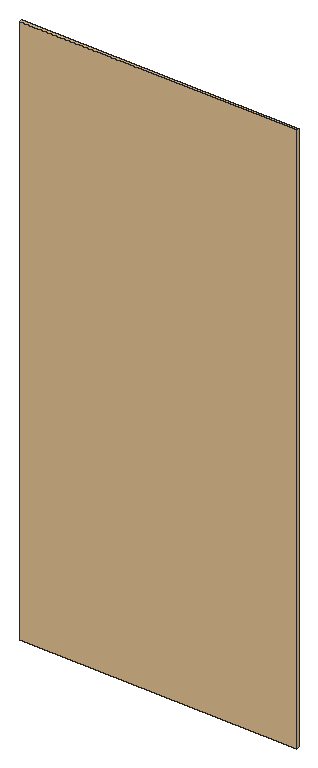
Revit family "Feature Blackbutt Veneer Honeycomb", category Generic Models, Revit 2017
Family settings
  Can host rebar = No
  Round Connector Dimension = Use Diameter
  Part Type = Normal
  Work Plane-Based = No
  Always vertical = Yes
  Cut with Voids When Loaded = No
  Shared = Yes
  Room Calculation Point = No
Parameters (values of type "2400 x 1200")
  Raw Finish Code = "EX24 FB-HOC"  # constant formula
  Material = none
  URL = "https://www.easycraft.com.au/products/253/expression-series"
  Panel_width = 1200 mm  # constant formula
  Panel_thickness = 10 mm  # constant formula
  Model = "Expression Series - Honeycomb"  # constant formula
  Manufacturer = "Easycraft Australia Pty Ltd ph 07 3906 7200"  # constant formula
  Panel_height = 2400 mm  # constant formula
  Description = "Feature Blackbutt Veneer"  # constant formula
  Clear Finish Code = "EX24 FB-HOC-CF"  # constant formula
  Assembly Code = ""
Reference planes
  plane 1 "Center (Front/Back)": y = 0
  plane 2: z = 0
  plane 3 "Center (Left/Right)": x = 0
  plane 4 "Panel_top": z = 2400
  plane 5 "Panel face": y = -10
Forms (mm)
  Extrusion 1, solid, material "Feature Blackbutt Veneer"
    sketch origin (0, 0, 2400) x (0, -1, 0) y (1, 0, 0)
      loop
        line (0, 0) -> (10, 0) -> (10, 1200) -> (0, 1200) -> (0, 0)
    from -2400 to 0
Lines and regions (mm)
  model lines, style "easycraft expressions pattern"
    curve 1: line (1170.784, -10, 2287.01) -> (1200, -10, 2287.01)
    curve 2: line (1129.224, -10, 2348.821) -> (1070.792, -10, 2348.821)
    curve 3: line (1170.783, -10, 2163.389) -> (1200, -10, 2163.389)
    curve 4: line (1129.224, -10, 2225.2) -> (1070.792, -10, 2225.2)
    curve 5: line (1170.783, -10, 2039.767) -> (1200, -10, 2039.767)
    curve 6: line (1129.225, -10, 2101.577) -> (1070.792, -10, 2101.577)
    curve 7: line (1170.784, -10, 1916.144) -> (1200, -10, 1916.144)
    curve 8: line (1129.224, -10, 1977.955) -> (1070.792, -10, 1977.955)
    curve 9: line (1170.784, -10, 1792.521) -> (1200, -10, 1792.521)
    curve 10: line (1129.224, -10, 1854.332) -> (1070.792, -10, 1854.332)
    curve 11: line (1170.784, -10, 1668.899) -> (1200, -10, 1668.899)
    curve 12: line (1129.224, -10, 1730.709) -> (1070.792, -10, 1730.709)
    curve 13: line (1170.784, -10, 1545.276) -> (1200, -10, 1545.276)
    curve 14: line (1129.224, -10, 1607.087) -> (1070.792, -10, 1607.087)
    curve 15: line (1170.784, -10, 1421.654) -> (1200, -10, 1421.654)
    curve 16: line (1129.224, -10, 1483.465) -> (1070.792, -10, 1483.465)
    curve 17: line (1170.784, -10, 1298.032) -> (1200, -10, 1298.032)
    curve 18: line (1129.224, -10, 1359.843) -> (1070.793, -10, 1359.843)
    curve 19: line (1170.784, -10, 1174.411) -> (1200, -10, 1174.411)
    curve 20: line (1129.224, -10, 1236.221) -> (1070.792, -10, 1236.221)
    curve 21: line (1170.784, -10, 1050.789) -> (1200, -10, 1050.789)
    curve 22: line (1129.224, -10, 1112.6) -> (1070.793, -10, 1112.6)
    curve 23: line (1170.784, -10, 927.167) -> (1200, -10, 927.167)
    curve 24: line (1129.224, -10, 988.978) -> (1070.791, -10, 988.978)
    curve 25: line (1170.784, -10, 803.543) -> (1200, -10, 803.543)
    curve 26: line (1129.224, -10, 865.355) -> (1070.792, -10, 865.355)
    curve 27: line (1170.784, -10, 679.922) -> (1200, -10, 679.922)
    curve 28: line (1129.224, -10, 741.733) -> (1070.793, -10, 741.733)
    curve 29: line (1170.784, -10, 556.3) -> (1200, -10, 556.3)
    curve 30: line (1129.224, -10, 618.111) -> (1070.791, -10, 618.111)
    curve 31: line (1170.784, -10, 432.677) -> (1200, -10, 432.677)
    curve 32: line (1129.224, -10, 494.488) -> (1070.792, -10, 494.488)
    curve 33: line (1170.784, -10, 309.056) -> (1200, -10, 309.056)
    curve 34: line (1129.224, -10, 370.867) -> (1070.793, -10, 370.867)
    curve 35: line (1170.784, -10, 185.434) -> (1200, -10, 185.434)
    curve 36: line (1129.224, -10, 247.246) -> (1070.791, -10, 247.246)
    curve 37: line (1170.785, -10, 61.811) -> (1200, -10, 61.811)
    curve 38: line (1129.224, -10, 123.622) -> (1070.791, -10, 123.622)
    curve 39: line (1163.635, -10, 2400) -> (1129.224, -10, 2348.821)
    curve 40: line (1129.224, -10, 2348.821) -> (1170.784, -10, 2287.01)
    curve 41: line (1170.784, -10, 2287.01) -> (1129.224, -10, 2225.199)
    curve 42: line (1129.224, -10, 2225.199) -> (1170.783, -10, 2163.389)
    curve 43: line (1170.784, -10, 2163.388) -> (1129.225, -10, 2101.577)
    curve 44: line (1129.224, -10, 2101.577) -> (1170.783, -10, 2039.767)
    curve 45: line (1170.784, -10, 2039.766) -> (1129.224, -10, 1977.955)
    curve 46: line (1129.224, -10, 1977.955) -> (1170.784, -10, 1916.144)
    curve 47: line (1170.784, -10, 1916.144) -> (1129.224, -10, 1854.332)
    curve 48: line (1129.224, -10, 1854.332) -> (1170.784, -10, 1792.521)
    curve 49: line (1170.784, -10, 1792.521) -> (1129.224, -10, 1730.709)
    curve 50: line (1129.224, -10, 1730.709) -> (1170.784, -10, 1668.899)
    curve 51: line (1170.784, -10, 1668.899) -> (1129.224, -10, 1607.087)
    curve 52: line (1129.224, -10, 1607.087) -> (1170.784, -10, 1545.276)
    curve 53: line (1170.784, -10, 1545.276) -> (1129.224, -10, 1483.465)
    curve 54: line (1129.224, -10, 1483.465) -> (1170.784, -10, 1421.654)
    curve 55: line (1170.784, -10, 1421.654) -> (1129.224, -10, 1359.843)
    curve 56: line (1129.224, -10, 1359.843) -> (1170.784, -10, 1298.032)
    curve 57: line (1170.784, -10, 1298.032) -> (1129.224, -10, 1236.221)
    curve 58: line (1129.224, -10, 1236.221) -> (1170.784, -10, 1174.411)
    curve 59: line (1170.784, -10, 1174.411) -> (1129.224, -10, 1112.6)
    curve 60: line (1129.224, -10, 1112.6) -> (1170.784, -10, 1050.789)
    curve 61: line (1170.784, -10, 1050.789) -> (1129.224, -10, 988.978)
    curve 62: line (1129.224, -10, 988.978) -> (1170.784, -10, 927.167)
    curve 63: line (1170.784, -10, 927.167) -> (1129.224, -10, 865.355)
    curve 64: line (1129.224, -10, 865.355) -> (1170.784, -10, 803.545)
    curve 65: line (1170.784, -10, 803.545) -> (1129.224, -10, 741.733)
    curve 66: line (1129.224, -10, 741.733) -> (1170.784, -10, 679.922)
    curve 67: line (1170.784, -10, 679.922) -> (1129.224, -10, 618.111)
    curve 68: line (1129.224, -10, 618.111) -> (1170.784, -10, 556.3)
    curve 69: line (1170.784, -10, 556.3) -> (1129.224, -10, 494.488)
    curve 70: line (1129.224, -10, 494.489) -> (1170.784, -10, 432.678)
    curve 71: line (1170.784, -10, 432.678) -> (1129.224, -10, 370.867)
    curve 72: line (1129.224, -10, 370.867) -> (1170.784, -10, 309.056)
    curve 73: line (1170.784, -10, 309.056) -> (1129.224, -10, 247.246)
    curve 74: line (1129.224, -10, 247.246) -> (1170.784, -10, 185.434)
    curve 75: line (1170.784, -10, 185.434) -> (1129.224, -10, 123.622)
    curve 76: line (1129.224, -10, 123.622) -> (1170.785, -10, 61.811)
    curve 77: line (1170.784, -10, 61.812) -> (1129.224, -10, 0)
    curve 78: line (1070.792, -10, 0.001) -> (1029.232, -10, 61.812)
    curve 79: line (1029.232, -10, 61.812) -> (1070.792, -10, 123.622)
    curve 80: line (1070.791, -10, 123.622) -> (1029.233, -10, 185.434)
    curve 81: line (1029.233, -10, 185.434) -> (1070.792, -10, 247.244)
    curve 82: line (1070.791, -10, 247.246) -> (1029.233, -10, 309.057)
    curve 83: line (1029.233, -10, 309.057) -> (1070.793, -10, 370.867)
    curve 84: line (1070.792, -10, 370.867) -> (1029.233, -10, 432.678)
    curve 85: line (1029.233, -10, 432.678) -> (1070.792, -10, 494.489)
    curve 86: line (1070.792, -10, 494.489) -> (1029.233, -10, 556.3)
    curve 87: line (1029.233, -10, 556.3) -> (1070.792, -10, 618.11)
    curve 88: line (1070.791, -10, 618.111) -> (1029.233, -10, 679.921)
    curve 89: line (1029.233, -10, 679.921) -> (1070.793, -10, 741.733)
    curve 90: line (1070.792, -10, 741.732) -> (1029.233, -10, 803.543)
    curve 91: line (1029.233, -10, 803.543) -> (1070.792, -10, 865.355)
    curve 92: line (1070.792, -10, 865.355) -> (1029.233, -10, 927.165)
    curve 93: line (1029.233, -10, 927.165) -> (1070.792, -10, 988.976)
    curve 94: line (1070.791, -10, 988.978) -> (1029.233, -10, 1050.788)
    curve 95: line (1029.233, -10, 1050.788) -> (1070.793, -10, 1112.6)
    curve 96: line (1070.792, -10, 1112.598) -> (1029.233, -10, 1174.41)
    curve 97: line (1029.233, -10, 1174.41) -> (1070.792, -10, 1236.221)
    curve 98: line (1070.792, -10, 1236.221) -> (1029.233, -10, 1298.032)
    curve 99: line (1029.233, -10, 1298.032) -> (1070.793, -10, 1359.843)
    curve 100: line (1070.792, -10, 1359.841) -> (1029.233, -10, 1421.653)
    curve 101: line (1029.233, -10, 1421.653) -> (1070.792, -10, 1483.465)
    curve 102: line (1070.792, -10, 1483.465) -> (1029.233, -10, 1545.276)
    curve 103: line (1029.233, -10, 1545.276) -> (1070.792, -10, 1607.087)
    curve 104: line (1070.792, -10, 1607.087) -> (1029.233, -10, 1668.899)
    curve 105: line (1029.233, -10, 1668.899) -> (1070.792, -10, 1730.709)
    curve 106: line (1070.792, -10, 1730.709) -> (1029.233, -10, 1792.521)
    curve 107: line (1029.233, -10, 1792.521) -> (1070.792, -10, 1854.332)
    curve 108: line (1070.792, -10, 1854.332) -> (1029.233, -10, 1916.144)
    curve 109: line (1029.233, -10, 1916.144) -> (1070.792, -10, 1977.955)
    curve 110: line (1070.792, -10, 1977.955) -> (1029.233, -10, 2039.766)
    curve 111: line (1029.233, -10, 2039.766) -> (1070.792, -10, 2101.577)
    curve 112: line (1070.792, -10, 2101.577) -> (1029.233, -10, 2163.388)
    curve 113: line (1029.233, -10, 2163.388) -> (1070.792, -10, 2225.199)
    curve 114: line (1070.792, -10, 2225.199) -> (1029.233, -10, 2287.01)
    curve 115: line (1029.233, -10, 2287.01) -> (1070.792, -10, 2348.821)
    curve 116: line (1070.792, -10, 2348.821) -> (1036.381, -10, 2400)
    curve 117: line (1029.233, -10, 2287.01) -> (970.8, -10, 2287.01)
    curve 118: line (1029.233, -10, 2163.389) -> (970.8, -10, 2163.389)
    curve 119: line (1029.233, -10, 2039.767) -> (970.8, -10, 2039.767)
    curve 120: line (1029.233, -10, 1916.144) -> (970.801, -10, 1916.144)
    curve 121: line (1029.233, -10, 1792.521) -> (970.8, -10, 1792.521)
    curve 122: line (1029.233, -10, 1668.899) -> (970.799, -10, 1668.899)
    curve 123: line (1029.233, -10, 1545.276) -> (970.8, -10, 1545.276)
    curve 124: line (1029.233, -10, 1421.653) -> (970.8, -10, 1421.653)
    curve 125: line (1029.233, -10, 1298.032) -> (970.8, -10, 1298.032)
    curve 126: line (1029.233, -10, 1174.41) -> (970.799, -10, 1174.41)
    curve 127: line (1029.233, -10, 1050.788) -> (970.801, -10, 1050.788)
    curve 128: line (1029.233, -10, 927.165) -> (970.8, -10, 927.165)
    curve 129: line (1029.233, -10, 803.544) -> (970.8, -10, 803.544)
    curve 130: line (1029.233, -10, 679.921) -> (970.801, -10, 679.921)
    curve 131: line (1029.233, -10, 556.3) -> (970.8, -10, 556.3)
    curve 132: line (1029.233, -10, 432.679) -> (970.801, -10, 432.679)
    curve 133: line (1029.233, -10, 309.057) -> (970.799, -10, 309.057)
    curve 134: line (1029.233, -10, 185.434) -> (970.8, -10, 185.434)
    curve 135: line (1029.233, -10, 61.811) -> (970.8, -10, 61.811)
    curve 136: line (836.397, -10, 2400) -> (870.807, -10, 2348.822)
    curve 137: line (870.807, -10, 2348.822) -> (829.248, -10, 2287.011)
    curve 138: line (829.248, -10, 2287.011) -> (870.807, -10, 2225.2)
    curve 139: line (870.807, -10, 2225.2) -> (829.248, -10, 2163.389)
    curve 140: line (829.248, -10, 2163.389) -> (870.807, -10, 2101.577)
    curve 141: line (870.807, -10, 2101.577) -> (829.248, -10, 2039.767)
    curve 142: line (829.248, -10, 2039.767) -> (870.807, -10, 1977.955)
    curve 143: line (870.807, -10, 1977.955) -> (829.248, -10, 1916.141)
    curve 144: line (829.248, -10, 1916.141) -> (870.806, -10, 1854.332)
    curve 145: line (870.807, -10, 1854.331) -> (829.248, -10, 1792.521)
    curve 146: line (829.248, -10, 1792.521) -> (870.807, -10, 1730.71)
    curve 147: line (870.807, -10, 1730.71) -> (829.248, -10, 1668.899)
    curve 148: line (829.248, -10, 1668.899) -> (870.807, -10, 1607.088)
    curve 149: line (870.807, -10, 1607.088) -> (829.248, -10, 1545.274)
    curve 150: line (829.248, -10, 1545.274) -> (870.806, -10, 1483.464)
    curve 151: line (870.807, -10, 1483.463) -> (829.248, -10, 1421.655)
    curve 152: line (829.248, -10, 1421.655) -> (870.807, -10, 1359.843)
    curve 153: line (870.807, -10, 1359.843) -> (829.248, -10, 1298.03)
    curve 154: line (829.248, -10, 1298.03) -> (870.807, -10, 1236.22)
    curve 155: line (870.807, -10, 1236.22) -> (829.248, -10, 1174.408)
    curve 156: line (829.248, -10, 1174.408) -> (870.806, -10, 1112.598)
    curve 157: line (870.807, -10, 1112.596) -> (829.248, -10, 1050.788)
    curve 158: line (829.248, -10, 1050.788) -> (870.807, -10, 988.977)
    curve 159: line (870.807, -10, 988.977) -> (829.248, -10, 927.166)
    curve 160: line (829.248, -10, 927.166) -> (870.807, -10, 865.355)
    curve 161: line (870.807, -10, 865.355) -> (829.248, -10, 803.541)
    curve 162: line (829.248, -10, 803.541) -> (870.806, -10, 741.731)
    curve 163: line (870.807, -10, 741.73) -> (829.248, -10, 679.923)
    curve 164: line (829.248, -10, 679.923) -> (870.807, -10, 618.112)
    curve 165: line (870.807, -10, 618.112) -> (829.248, -10, 556.301)
    curve 166: line (829.248, -10, 556.301) -> (870.807, -10, 494.489)
    curve 167: line (870.807, -10, 494.489) -> (829.248, -10, 432.679)
    curve 168: line (829.248, -10, 432.679) -> (870.806, -10, 370.869)
    curve 169: line (870.807, -10, 370.867) -> (829.248, -10, 309.058)
    curve 170: line (829.248, -10, 309.058) -> (870.807, -10, 247.245)
    curve 171: line (870.807, -10, 247.245) -> (829.248, -10, 185.434)
    curve 172: line (829.248, -10, 185.434) -> (870.807, -10, 123.623)
    curve 173: line (870.807, -10, 123.623) -> (829.247, -10, 61.813)
    curve 174: line (829.247, -10, 61.813) -> (870.807, -10, 0.001)
    curve 175: line (929.24, -10, 0.001) -> (970.8, -10, 61.811)
    curve 176: line (970.8, -10, 61.811) -> (929.241, -10, 123.623)
    curve 177: line (929.241, -10, 123.623) -> (970.8, -10, 185.434)
    curve 178: line (970.8, -10, 185.434) -> (929.241, -10, 247.245)
    curve 179: line (929.241, -10, 247.245) -> (970.8, -10, 309.056)
    curve 180: line (970.799, -10, 309.057) -> (929.241, -10, 370.869)
    curve 181: line (929.241, -10, 370.869) -> (970.801, -10, 432.679)
    curve 182: line (970.8, -10, 432.678) -> (929.241, -10, 494.489)
    curve 183: line (929.241, -10, 494.489) -> (970.8, -10, 556.3)
    curve 184: line (970.8, -10, 556.3) -> (929.241, -10, 618.112)
    curve 185: line (929.241, -10, 618.112) -> (970.801, -10, 679.921)
    curve 186: line (970.8, -10, 679.92) -> (929.241, -10, 741.731)
    curve 187: line (929.241, -10, 741.731) -> (970.8, -10, 803.543)
    curve 188: line (970.8, -10, 803.544) -> (929.241, -10, 865.354)
    curve 189: line (929.241, -10, 865.355) -> (970.8, -10, 927.165)
    curve 190: line (970.8, -10, 927.165) -> (929.241, -10, 988.977)
    curve 191: line (929.241, -10, 988.977) -> (970.801, -10, 1050.788)
    curve 192: line (970.8, -10, 1050.786) -> (929.241, -10, 1112.598)
    curve 193: line (929.241, -10, 1112.598) -> (970.8, -10, 1174.408)
    curve 194: line (970.799, -10, 1174.41) -> (929.241, -10, 1236.22)
    curve 195: line (929.241, -10, 1236.22) -> (970.8, -10, 1298.032)
    curve 196: line (970.8, -10, 1298.032) -> (929.241, -10, 1359.843)
    curve 197: line (929.241, -10, 1359.843) -> (970.8, -10, 1421.653)
    curve 198: line (970.8, -10, 1421.653) -> (929.241, -10, 1483.464)
    curve 199: line (929.241, -10, 1483.464) -> (970.8, -10, 1545.276)
    curve 200: line (970.8, -10, 1545.276) -> (929.241, -10, 1607.088)
    curve 201: line (929.241, -10, 1607.088) -> (970.8, -10, 1668.897)
    curve 202: line (970.799, -10, 1668.899) -> (929.241, -10, 1730.71)
    curve 203: line (929.241, -10, 1730.71) -> (970.8, -10, 1792.521)
    curve 204: line (970.8, -10, 1792.521) -> (929.241, -10, 1854.332)
    curve 205: line (929.241, -10, 1854.332) -> (970.801, -10, 1916.144)
    curve 206: line (970.8, -10, 1916.144) -> (929.241, -10, 1977.955)
    curve 207: line (929.241, -10, 1977.955) -> (970.8, -10, 2039.766)
    curve 208: line (970.8, -10, 2039.766) -> (929.241, -10, 2101.577)
    curve 209: line (929.241, -10, 2101.577) -> (970.8, -10, 2163.388)
    curve 210: line (970.8, -10, 2163.388) -> (929.241, -10, 2225.2)
    curve 211: line (929.241, -10, 2225.2) -> (970.8, -10, 2287.01)
    curve 212: line (970.8, -10, 2287.01) -> (929.241, -10, 2348.822)
    curve 213: line (929.241, -10, 2348.822) -> (963.65, -10, 2400)
    curve 214: line (929.241, -10, 2348.822) -> (870.807, -10, 2348.822)
    curve 215: line (929.24, -10, 2225.2) -> (870.807, -10, 2225.2)
    curve 216: line (929.24, -10, 2101.578) -> (870.807, -10, 2101.578)
    curve 217: line (929.24, -10, 1977.956) -> (870.807, -10, 1977.956)
    curve 218: line (929.241, -10, 1854.332) -> (870.806, -10, 1854.332)
    curve 219: line (929.241, -10, 1730.71) -> (870.807, -10, 1730.71)
    curve 220: line (929.241, -10, 1607.088) -> (870.807, -10, 1607.088)
    curve 221: line (929.241, -10, 1483.464) -> (870.806, -10, 1483.464)
    curve 222: line (929.241, -10, 1359.843) -> (870.807, -10, 1359.843)
    curve 223: line (929.241, -10, 1236.22) -> (870.807, -10, 1236.22)
    curve 224: line (929.241, -10, 1112.598) -> (870.806, -10, 1112.598)
    curve 225: line (929.241, -10, 988.977) -> (870.807, -10, 988.977)
    curve 226: line (929.241, -10, 865.354) -> (870.807, -10, 865.354)
    curve 227: line (929.241, -10, 741.731) -> (870.806, -10, 741.731)
    curve 228: line (929.241, -10, 618.112) -> (870.807, -10, 618.112)
    curve 229: line (929.24, -10, 494.489) -> (870.807, -10, 494.489)
    curve 230: line (929.241, -10, 370.869) -> (870.806, -10, 370.869)
    curve 231: line (929.241, -10, 247.245) -> (870.807, -10, 247.245)
    curve 232: line (929.241, -10, 123.623) -> (870.807, -10, 123.623)
    curve 233: line (763.665, -10, 2400) -> (729.256, -10, 2348.824)
    curve 234: line (729.256, -10, 2348.824) -> (770.816, -10, 2287.011)
    curve 235: line (770.816, -10, 2287.011) -> (729.256, -10, 2225.2)
    curve 236: line (729.256, -10, 2225.2) -> (770.816, -10, 2163.389)
    curve 237: line (770.816, -10, 2163.389) -> (729.256, -10, 2101.578)
    curve 238: line (729.256, -10, 2101.578) -> (770.816, -10, 2039.767)
    curve 239: line (829.248, -10, 2287.011) -> (770.816, -10, 2287.011)
    curve 240: line (829.248, -10, 2163.389) -> (770.816, -10, 2163.389)
    curve 241: line (829.248, -10, 2039.769) -> (770.816, -10, 2039.769)
    curve 242: line (770.816, -10, 2039.769) -> (729.256, -10, 1977.952)
    curve 243: line (729.256, -10, 1977.952) -> (770.816, -10, 1916.14)
    curve 244: line (770.816, -10, 1916.14) -> (729.256, -10, 1854.33)
    curve 245: line (729.256, -10, 1854.33) -> (770.816, -10, 1792.521)
    curve 246: line (770.816, -10, 1792.521) -> (729.256, -10, 1730.709)
    curve 247: line (729.256, -10, 1730.709) -> (770.816, -10, 1668.898)
    curve 248: line (829.248, -10, 1916.141) -> (770.816, -10, 1916.141)
    curve 249: line (829.248, -10, 1792.521) -> (770.816, -10, 1792.521)
    curve 250: line (829.248, -10, 1668.899) -> (770.816, -10, 1668.899)
    curve 251: line (770.816, -10, 1668.899) -> (729.256, -10, 1607.084)
    curve 252: line (729.256, -10, 1607.084) -> (770.815, -10, 1545.274)
    curve 253: line (770.816, -10, 1545.273) -> (729.256, -10, 1483.465)
    curve 254: line (729.256, -10, 1483.465) -> (770.815, -10, 1421.655)
    curve 255: line (770.816, -10, 1421.653) -> (729.256, -10, 1359.841)
    curve 256: line (729.256, -10, 1359.841) -> (770.816, -10, 1298.03)
    curve 257: line (770.816, -10, 1298.03) -> (729.256, -10, 1236.219)
    curve 258: line (729.256, -10, 1236.219) -> (770.816, -10, 1174.408)
    curve 259: line (770.816, -10, 1174.408) -> (729.256, -10, 1112.6)
    curve 260: line (729.256, -10, 1112.6) -> (770.816, -10, 1050.788)
    curve 261: line (770.816, -10, 1050.788) -> (729.256, -10, 988.977)
    curve 262: line (729.256, -10, 988.977) -> (770.816, -10, 927.166)
    curve 263: line (770.816, -10, 927.166) -> (729.256, -10, 865.353)
    curve 264: line (729.256, -10, 865.353) -> (770.815, -10, 803.542)
    curve 265: line (770.816, -10, 803.541) -> (729.256, -10, 741.733)
    curve 266: line (729.256, -10, 741.733) -> (770.816, -10, 679.922)
    curve 267: line (829.248, -10, 1545.274) -> (770.815, -10, 1545.274)
    curve 268: line (829.248, -10, 1421.655) -> (770.815, -10, 1421.655)
    curve 269: line (829.248, -10, 1298.03) -> (770.816, -10, 1298.03)
    curve 270: line (829.248, -10, 1174.408) -> (770.816, -10, 1174.408)
    curve 271: line (829.248, -10, 1050.788) -> (770.816, -10, 1050.788)
    curve 272: line (829.248, -10, 927.166) -> (770.816, -10, 927.166)
    curve 273: line (829.248, -10, 803.542) -> (770.815, -10, 803.542)
    curve 274: line (829.248, -10, 679.923) -> (770.816, -10, 679.923)
    curve 275: line (770.816, -10, 679.923) -> (729.256, -10, 618.112)
    curve 276: line (729.256, -10, 618.112) -> (770.815, -10, 556.301)
    curve 277: line (770.816, -10, 556.299) -> (729.256, -10, 494.49)
    curve 278: line (729.256, -10, 494.49) -> (770.816, -10, 432.679)
    curve 279: line (770.816, -10, 432.679) -> (729.256, -10, 370.868)
    curve 280: line (729.256, -10, 370.868) -> (770.816, -10, 309.056)
    curve 281: line (829.248, -10, 556.301) -> (770.815, -10, 556.301)
    curve 282: line (829.248, -10, 432.678) -> (770.816, -10, 432.678)
    curve 283: line (829.248, -10, 185.434) -> (770.816, -10, 185.434)
    curve 284: line (829.248, -10, 61.813) -> (770.816, -10, 61.813)
    curve 285: line (636.413, -10, 2400) -> (670.822, -10, 2348.824)
    curve 286: line (670.823, -10, 2348.822) -> (629.263, -10, 2287.013)
    curve 287: line (629.263, -10, 2287.013) -> (670.823, -10, 2225.2)
    curve 288: line (670.823, -10, 2225.2) -> (629.263, -10, 2163.389)
    curve 289: line (629.263, -10, 2163.389) -> (670.821, -10, 2101.58)
    curve 290: line (670.823, -10, 2101.578) -> (629.263, -10, 2039.762)
    curve 291: line (629.263, -10, 2039.762) -> (670.821, -10, 1977.954)
    curve 292: line (670.823, -10, 1977.952) -> (629.263, -10, 1916.142)
    curve 293: line (629.263, -10, 1916.142) -> (670.823, -10, 1854.33)
    curve 294: line (670.823, -10, 1854.33) -> (629.263, -10, 1792.519)
    curve 295: line (629.263, -10, 1792.519) -> (670.822, -10, 1730.709)
    curve 296: line (670.823, -10, 1730.708) -> (629.263, -10, 1668.894)
    curve 297: line (629.263, -10, 1668.894) -> (670.822, -10, 1607.084)
    curve 298: line (670.823, -10, 1607.083) -> (629.263, -10, 1545.272)
    curve 299: line (629.263, -10, 1545.272) -> (670.823, -10, 1483.465)
    curve 300: line (670.823, -10, 1483.465) -> (629.263, -10, 1421.651)
    curve 301: line (629.263, -10, 1421.651) -> (670.822, -10, 1359.841)
    curve 302: line (670.823, -10, 1359.84) -> (629.263, -10, 1298.029)
    curve 303: line (629.263, -10, 1298.029) -> (670.822, -10, 1236.219)
    curve 304: line (670.823, -10, 1236.218) -> (629.263, -10, 1174.41)
    curve 305: line (629.263, -10, 1174.41) -> (670.822, -10, 1112.6)
    curve 306: line (670.823, -10, 1112.598) -> (629.263, -10, 1050.789)
    curve 307: line (629.263, -10, 1050.789) -> (670.823, -10, 988.977)
    curve 308: line (670.823, -10, 988.977) -> (629.263, -10, 927.164)
    curve 309: line (629.263, -10, 927.164) -> (670.823, -10, 865.353)
    curve 310: line (670.823, -10, 865.353) -> (629.263, -10, 803.544)
    curve 311: line (629.263, -10, 803.544) -> (670.822, -10, 741.733)
    curve 312: line (670.823, -10, 741.732) -> (629.263, -10, 679.922)
    curve 313: line (629.263, -10, 679.922) -> (670.823, -10, 618.112)
    curve 314: line (670.823, -10, 618.112) -> (629.263, -10, 556.301)
    curve 315: line (629.263, -10, 556.301) -> (670.823, -10, 494.49)
    curve 316: line (670.823, -10, 494.49) -> (629.263, -10, 432.678)
    curve 317: line (629.263, -10, 432.678) -> (670.822, -10, 370.868)
    curve 318: line (670.823, -10, 370.866) -> (629.263, -10, 309.057)
    curve 319: line (629.263, -10, 309.057) -> (670.823, -10, 247.246)
    curve 320: line (670.823, -10, 247.246) -> (629.263, -10, 185.436)
    curve 321: line (629.263, -10, 185.436) -> (670.823, -10, 123.623)
    curve 322: line (670.823, -10, 123.623) -> (629.262, -10, 61.814)
    curve 323: line (629.263, -10, 61.813) -> (670.822, -10, 0.002)
    curve 324: line (729.256, -10, 0.002) -> (770.816, -10, 61.813)
    curve 325: line (770.816, -10, 61.812) -> (729.256, -10, 123.623)
    curve 326: line (729.256, -10, 123.623) -> (770.816, -10, 185.434)
    curve 327: line (770.816, -10, 185.434) -> (729.256, -10, 247.246)
    curve 328: line (729.256, -10, 247.246) -> (770.816, -10, 309.058)
    curve 329: line (770.816, -10, 309.058) -> (829.248, -10, 309.058)
    curve 330: line (729.256, -10, 2348.824) -> (670.822, -10, 2348.824)
    curve 331: line (729.255, -10, 2225.201) -> (670.823, -10, 2225.201)
    curve 332: line (729.255, -10, 2101.58) -> (670.821, -10, 2101.58)
    curve 333: line (729.255, -10, 1977.954) -> (670.821, -10, 1977.954)
    curve 334: line (729.256, -10, 1854.33) -> (670.823, -10, 1854.33)
    curve 335: line (729.256, -10, 1730.709) -> (670.822, -10, 1730.709)
    curve 336: line (729.256, -10, 1607.084) -> (670.822, -10, 1607.084)
    curve 337: line (729.256, -10, 1483.465) -> (670.823, -10, 1483.465)
    curve 338: line (729.256, -10, 1359.841) -> (670.822, -10, 1359.841)
    curve 339: line (729.256, -10, 1236.219) -> (670.822, -10, 1236.219)
    curve 340: line (729.256, -10, 1112.6) -> (670.822, -10, 1112.6)
    curve 341: line (729.256, -10, 988.977) -> (670.823, -10, 988.977)
    curve 342: line (729.255, -10, 865.352) -> (670.823, -10, 865.352)
    curve 343: line (729.256, -10, 741.733) -> (670.822, -10, 741.733)
    curve 344: line (729.256, -10, 618.112) -> (670.823, -10, 618.112)
    curve 345: line (729.255, -10, 494.489) -> (670.823, -10, 494.489)
    curve 346: line (729.256, -10, 370.868) -> (670.822, -10, 370.868)
    curve 347: line (729.256, -10, 247.246) -> (670.823, -10, 247.246)
    curve 348: line (729.256, -10, 123.623) -> (670.823, -10, 123.623)
    curve 349: line (629.263, -10, 2287.013) -> (570.83, -10, 2287.013)
    curve 350: line (629.263, -10, 2163.391) -> (570.83, -10, 2163.391)
    curve 351: line (629.263, -10, 2039.762) -> (570.831, -10, 2039.762)
    curve 352: line (629.263, -10, 1916.142) -> (570.83, -10, 1916.142)
    curve 353: line (629.263, -10, 1792.519) -> (570.832, -10, 1792.519)
    curve 354: line (629.263, -10, 1668.894) -> (570.83, -10, 1668.894)
    curve 355: line (629.263, -10, 1545.272) -> (570.831, -10, 1545.272)
    curve 356: line (629.263, -10, 1421.651) -> (570.832, -10, 1421.651)
    curve 357: line (629.263, -10, 1298.029) -> (570.83, -10, 1298.029)
    curve 358: line (629.263, -10, 1174.41) -> (570.831, -10, 1174.41)
    curve 359: line (629.263, -10, 1050.789) -> (570.831, -10, 1050.789)
    curve 360: line (629.263, -10, 927.164) -> (570.831, -10, 927.164)
    curve 361: line (629.263, -10, 803.544) -> (570.831, -10, 803.544)
    curve 362: line (629.263, -10, 679.922) -> (570.831, -10, 679.922)
    curve 363: line (629.263, -10, 556.301) -> (570.832, -10, 556.301)
    curve 364: line (629.263, -10, 432.679) -> (570.831, -10, 432.679)
    curve 365: line (629.263, -10, 309.057) -> (570.831, -10, 309.057)
    curve 366: line (629.263, -10, 185.436) -> (570.832, -10, 185.436)
    curve 367: line (629.262, -10, 61.814) -> (570.832, -10, 61.814)
    curve 368: line (436.429, -10, 2400) -> (470.837, -10, 2348.824)
    curve 369: line (529.272, -10, 2348.824) -> (470.837, -10, 2348.824)
    curve 370: line (470.838, -10, 2348.824) -> (429.279, -10, 2287.012)
    curve 371: line (429.279, -10, 2287.012) -> (470.838, -10, 2225.201)
    curve 372: line (470.838, -10, 2225.201) -> (429.279, -10, 2163.39)
    curve 373: line (429.279, -10, 2163.39) -> (470.838, -10, 2101.572)
    curve 374: line (470.838, -10, 2101.572) -> (429.279, -10, 2039.761)
    curve 375: line (429.279, -10, 2039.761) -> (470.838, -10, 1977.951)
    curve 376: line (470.838, -10, 1977.951) -> (429.279, -10, 1916.141)
    curve 377: line (429.279, -10, 1916.141) -> (470.838, -10, 1854.329)
    curve 378: line (470.838, -10, 1854.329) -> (429.279, -10, 1792.516)
    curve 379: line (429.279, -10, 1792.516) -> (470.838, -10, 1730.704)
    curve 380: line (470.838, -10, 1730.704) -> (429.279, -10, 1668.894)
    curve 381: line (429.279, -10, 1668.894) -> (470.837, -10, 1607.084)
    curve 382: line (470.838, -10, 1607.082) -> (429.279, -10, 1545.27)
    curve 383: line (429.279, -10, 1545.27) -> (470.838, -10, 1483.461)
    curve 384: line (470.838, -10, 1483.461) -> (429.279, -10, 1421.649)
    curve 385: line (429.279, -10, 1421.649) -> (470.838, -10, 1359.838)
    curve 386: line (529.272, -10, 2225.201) -> (470.838, -10, 2225.201)
    curve 387: line (529.271, -10, 2101.572) -> (470.838, -10, 2101.572)
    curve 388: line (529.271, -10, 1977.952) -> (470.838, -10, 1977.952)
    curve 389: line (529.272, -10, 1854.329) -> (470.838, -10, 1854.329)
    curve 390: line (529.272, -10, 1730.704) -> (470.838, -10, 1730.704)
    curve 391: line (529.272, -10, 1607.084) -> (470.837, -10, 1607.084)
    curve 392: line (529.272, -10, 1483.461) -> (470.838, -10, 1483.461)
    curve 393: line (529.272, -10, 1359.839) -> (470.838, -10, 1359.839)
    curve 394: line (470.838, -10, 1359.839) -> (429.279, -10, 1298.03)
    curve 395: line (429.279, -10, 1298.03) -> (470.838, -10, 1236.218)
    curve 396: line (470.838, -10, 1236.218) -> (429.279, -10, 1174.408)
    curve 397: line (429.279, -10, 1174.408) -> (470.837, -10, 1112.6)
    curve 398: line (470.838, -10, 1112.599) -> (429.279, -10, 1050.785)
    curve 399: line (429.279, -10, 1050.785) -> (470.838, -10, 988.974)
    curve 400: line (529.272, -10, 1236.218) -> (470.838, -10, 1236.218)
    curve 401: line (529.272, -10, 1112.6) -> (470.837, -10, 1112.6)
    curve 402: line (529.272, -10, 988.975) -> (470.838, -10, 988.975)
    curve 403: line (470.838, -10, 988.975) -> (429.279, -10, 927.167)
    curve 404: line (429.279, -10, 927.167) -> (470.838, -10, 865.356)
    curve 405: line (470.838, -10, 865.356) -> (429.279, -10, 803.545)
    curve 406: line (429.279, -10, 803.545) -> (470.838, -10, 741.734)
    curve 407: line (470.838, -10, 741.734) -> (429.279, -10, 679.92)
    curve 408: line (429.279, -10, 679.92) -> (470.838, -10, 618.111)
    curve 409: line (470.838, -10, 618.111) -> (429.279, -10, 556.298)
    curve 410: line (429.279, -10, 556.298) -> (470.838, -10, 494.49)
    curve 411: line (470.838, -10, 494.489) -> (429.279, -10, 432.679)
    curve 412: line (429.279, -10, 432.679) -> (470.837, -10, 370.868)
    curve 413: line (470.838, -10, 370.867) -> (429.279, -10, 309.056)
    curve 414: line (429.279, -10, 309.056) -> (470.837, -10, 247.246)
    curve 415: line (470.838, -10, 247.245) -> (429.279, -10, 185.434)
    curve 416: line (429.279, -10, 185.434) -> (470.837, -10, 123.624)
    curve 417: line (470.838, -10, 123.624) -> (429.278, -10, 61.814)
    curve 418: line (429.278, -10, 61.814) -> (470.838, -10, 0.003)
    curve 419: line (529.271, -10, 0.003) -> (570.832, -10, 61.814)
    curve 420: line (570.831, -10, 61.813) -> (529.272, -10, 123.624)
    curve 421: line (529.272, -10, 123.624) -> (570.832, -10, 185.436)
    curve 422: line (570.831, -10, 185.435) -> (529.272, -10, 247.246)
    curve 423: line (529.272, -10, 247.246) -> (570.831, -10, 309.057)
    curve 424: line (570.831, -10, 309.057) -> (529.272, -10, 370.868)
    curve 425: line (529.272, -10, 370.868) -> (570.831, -10, 432.679)
    curve 426: line (570.831, -10, 432.678) -> (529.272, -10, 494.489)
    curve 427: line (529.272, -10, 494.489) -> (570.832, -10, 556.301)
    curve 428: line (570.831, -10, 556.3) -> (529.272, -10, 618.111)
    curve 429: line (529.272, -10, 618.111) -> (570.831, -10, 679.922)
    curve 430: line (570.831, -10, 679.922) -> (529.272, -10, 741.734)
    curve 431: line (529.272, -10, 741.734) -> (570.831, -10, 803.544)
    curve 432: line (570.831, -10, 803.544) -> (529.272, -10, 865.356)
    curve 433: line (529.272, -10, 865.356) -> (570.831, -10, 927.164)
    curve 434: line (570.831, -10, 927.164) -> (529.272, -10, 988.975)
    curve 435: line (529.272, -10, 988.975) -> (570.831, -10, 1050.789)
    curve 436: line (570.831, -10, 1050.789) -> (529.272, -10, 1112.6)
    curve 437: line (529.272, -10, 1112.6) -> (570.831, -10, 1174.41)
    curve 438: line (570.831, -10, 1174.41) -> (529.272, -10, 1236.218)
    curve 439: line (529.272, -10, 1236.218) -> (570.831, -10, 1298.028)
    curve 440: line (570.83, -10, 1298.029) -> (529.272, -10, 1359.839)
    curve 441: line (529.272, -10, 1359.839) -> (570.832, -10, 1421.651)
    curve 442: line (570.831, -10, 1421.65) -> (529.272, -10, 1483.461)
    curve 443: line (529.272, -10, 1483.461) -> (570.831, -10, 1545.272)
    curve 444: line (570.831, -10, 1545.272) -> (529.272, -10, 1607.084)
    curve 445: line (529.272, -10, 1607.084) -> (570.831, -10, 1668.893)
    curve 446: line (570.83, -10, 1668.894) -> (529.272, -10, 1730.704)
    curve 447: line (529.272, -10, 1730.704) -> (570.832, -10, 1792.519)
    curve 448: line (570.831, -10, 1792.518) -> (529.272, -10, 1854.329)
    curve 449: line (529.272, -10, 1854.329) -> (570.831, -10, 1916.14)
    curve 450: line (570.83, -10, 1916.142) -> (529.272, -10, 1977.951)
    curve 451: line (529.272, -10, 1977.951) -> (570.831, -10, 2039.762)
    curve 452: line (570.831, -10, 2039.762) -> (529.271, -10, 2101.572)
    curve 453: line (529.272, -10, 2101.572) -> (570.831, -10, 2163.389)
    curve 454: line (570.83, -10, 2163.391) -> (529.272, -10, 2225.201)
    curve 455: line (529.272, -10, 2225.201) -> (570.831, -10, 2287.012)
    curve 456: line (570.83, -10, 2287.013) -> (529.272, -10, 2348.824)
    curve 457: line (529.272, -10, 2348.824) -> (563.68, -10, 2400)
    curve 458: line (529.271, -10, 865.355) -> (470.838, -10, 865.355)
    curve 459: line (529.272, -10, 741.734) -> (470.838, -10, 741.734)
    curve 460: line (529.272, -10, 618.111) -> (470.838, -10, 618.111)
    curve 461: line (529.271, -10, 494.49) -> (470.838, -10, 494.49)
    curve 462: line (529.272, -10, 370.868) -> (470.837, -10, 370.868)
    curve 463: line (529.272, -10, 247.246) -> (470.837, -10, 247.246)
    curve 464: line (529.272, -10, 123.624) -> (470.837, -10, 123.624)
    curve 465: line (429.279, -10, 2287.012) -> (370.846, -10, 2287.012)
    curve 466: line (429.279, -10, 2163.392) -> (370.845, -10, 2163.392)
    curve 467: line (429.279, -10, 2039.762) -> (370.846, -10, 2039.762)
    curve 468: line (429.279, -10, 1916.141) -> (370.848, -10, 1916.141)
    curve 469: line (429.279, -10, 1792.516) -> (370.847, -10, 1792.516)
    curve 470: line (429.279, -10, 1668.894) -> (370.845, -10, 1668.894)
    curve 471: line (429.279, -10, 1545.27) -> (370.846, -10, 1545.27)
    curve 472: line (429.279, -10, 1421.649) -> (370.847, -10, 1421.649)
    curve 473: line (429.279, -10, 1298.03) -> (370.845, -10, 1298.03)
    curve 474: line (429.279, -10, 1174.408) -> (370.846, -10, 1174.408)
    curve 475: line (429.279, -10, 1050.785) -> (370.846, -10, 1050.785)
    curve 476: line (429.279, -10, 927.167) -> (370.846, -10, 927.167)
    curve 477: line (429.279, -10, 803.544) -> (370.846, -10, 803.544)
    curve 478: line (429.279, -10, 679.92) -> (370.846, -10, 679.92)
    curve 479: line (429.279, -10, 556.298) -> (370.846, -10, 556.298)
    curve 480: line (429.279, -10, 432.678) -> (370.846, -10, 432.678)
    curve 481: line (429.279, -10, 309.056) -> (370.845, -10, 309.056)
    curve 482: line (429.279, -10, 185.434) -> (370.847, -10, 185.434)
    curve 483: line (429.279, -10, 61.815) -> (370.847, -10, 61.815)
    curve 484: line (236.451, -10, 2400) -> (270.854, -10, 2348.824)
    curve 485: line (270.854, -10, 2348.824) -> (229.294, -10, 2287.013)
    curve 486: line (229.294, -10, 2287.013) -> (270.852, -10, 2225.203)
    curve 487: line (270.854, -10, 2225.201) -> (229.294, -10, 2163.384)
    curve 488: line (229.294, -10, 2163.384) -> (270.852, -10, 2101.573)
    curve 489: line (270.854, -10, 2101.571) -> (229.294, -10, 2039.762)
    curve 490: line (229.294, -10, 2039.762) -> (270.852, -10, 1977.952)
    curve 491: line (270.854, -10, 1977.95) -> (229.294, -10, 1916.136)
    curve 492: line (229.294, -10, 1916.136) -> (270.853, -10, 1854.326)
    curve 493: line (270.854, -10, 1854.324) -> (229.294, -10, 1792.514)
    curve 494: line (229.294, -10, 1792.514) -> (270.853, -10, 1730.704)
    curve 495: line (270.854, -10, 1730.702) -> (229.294, -10, 1668.891)
    curve 496: line (229.294, -10, 1668.891) -> (270.853, -10, 1607.081)
    curve 497: line (270.854, -10, 1607.08) -> (229.294, -10, 1545.269)
    curve 498: line (229.294, -10, 1545.269) -> (270.853, -10, 1483.459)
    curve 499: line (270.854, -10, 1483.458) -> (229.294, -10, 1421.651)
    curve 500: line (229.294, -10, 1421.651) -> (270.853, -10, 1359.84)
    curve 501: line (270.854, -10, 1359.838) -> (229.294, -10, 1298.029)
    curve 502: line (229.294, -10, 1298.029) -> (270.853, -10, 1236.219)
    curve 503: line (270.854, -10, 1236.218) -> (229.294, -10, 1174.407)
    curve 504: line (229.294, -10, 1174.407) -> (270.853, -10, 1112.597)
    curve 505: line (270.854, -10, 1112.595) -> (229.294, -10, 1050.789)
    curve 506: line (229.294, -10, 1050.789) -> (270.853, -10, 988.979)
    curve 507: line (270.854, -10, 988.977) -> (229.294, -10, 927.168)
    curve 508: line (229.294, -10, 927.168) -> (270.853, -10, 865.357)
    curve 509: line (270.854, -10, 865.357) -> (229.294, -10, 803.542)
    curve 510: line (229.294, -10, 803.542) -> (270.853, -10, 741.732)
    curve 511: line (270.854, -10, 741.73) -> (229.294, -10, 679.921)
    curve 512: line (229.294, -10, 679.921) -> (270.854, -10, 618.109)
    curve 513: line (270.854, -10, 618.109) -> (229.294, -10, 556.299)
    curve 514: line (229.294, -10, 556.299) -> (270.854, -10, 494.487)
    curve 515: line (270.854, -10, 494.487) -> (229.294, -10, 432.676)
    curve 516: line (229.294, -10, 432.676) -> (270.853, -10, 370.866)
    curve 517: line (270.854, -10, 370.865) -> (229.294, -10, 309.056)
    curve 518: line (229.294, -10, 309.056) -> (270.854, -10, 247.244)
    curve 519: line (270.854, -10, 247.244) -> (229.294, -10, 185.436)
    curve 520: line (229.294, -10, 185.436) -> (270.853, -10, 123.626)
    curve 521: line (270.854, -10, 123.625) -> (229.294, -10, 61.815)
    curve 522: line (229.294, -10, 61.815) -> (270.853, -10, 0.003)
    curve 523: line (329.286, -10, 0.003) -> (370.847, -10, 61.815)
    curve 524: line (370.846, -10, 61.813) -> (329.287, -10, 123.626)
    curve 525: line (329.287, -10, 123.626) -> (370.847, -10, 185.434)
    curve 526: line (370.846, -10, 185.433) -> (329.287, -10, 247.244)
    curve 527: line (329.287, -10, 247.244) -> (370.846, -10, 309.055)
    curve 528: line (370.845, -10, 309.056) -> (329.287, -10, 370.866)
    curve 529: line (329.287, -10, 370.866) -> (370.846, -10, 432.679)
    curve 530: line (370.846, -10, 432.679) -> (329.287, -10, 494.487)
    curve 531: line (329.287, -10, 494.487) -> (370.846, -10, 556.298)
    curve 532: line (370.846, -10, 556.298) -> (329.287, -10, 618.109)
    curve 533: line (329.287, -10, 618.109) -> (370.846, -10, 679.92)
    curve 534: line (370.846, -10, 679.92) -> (329.287, -10, 741.732)
    curve 535: line (329.287, -10, 741.732) -> (370.846, -10, 803.545)
    curve 536: line (370.846, -10, 803.545) -> (329.287, -10, 865.357)
    curve 537: line (329.287, -10, 865.357) -> (370.846, -10, 927.167)
    curve 538: line (370.846, -10, 927.167) -> (329.287, -10, 988.979)
    curve 539: line (329.287, -10, 988.979) -> (370.846, -10, 1050.785)
    curve 540: line (370.846, -10, 1050.785) -> (329.287, -10, 1112.597)
    curve 541: line (329.287, -10, 1112.597) -> (370.846, -10, 1174.408)
    curve 542: line (370.846, -10, 1174.408) -> (329.287, -10, 1236.219)
    curve 543: line (329.287, -10, 1236.219) -> (370.846, -10, 1298.028)
    curve 544: line (370.845, -10, 1298.03) -> (329.287, -10, 1359.84)
    curve 545: line (329.287, -10, 1359.84) -> (370.847, -10, 1421.649)
    curve 546: line (370.846, -10, 1421.648) -> (329.287, -10, 1483.459)
    curve 547: line (329.287, -10, 1483.459) -> (370.846, -10, 1545.27)
    curve 548: line (370.846, -10, 1545.27) -> (329.287, -10, 1607.081)
    curve 549: line (329.287, -10, 1607.081) -> (370.846, -10, 1668.892)
    curve 550: line (370.845, -10, 1668.894) -> (329.287, -10, 1730.704)
    curve 551: line (329.287, -10, 1730.704) -> (370.847, -10, 1792.516)
    curve 552: line (370.846, -10, 1792.514) -> (329.287, -10, 1854.326)
    curve 553: line (329.287, -10, 1854.326) -> (370.848, -10, 1916.141)
    curve 554: line (370.846, -10, 1916.139) -> (329.287, -10, 1977.95)
    curve 555: line (329.287, -10, 1977.95) -> (370.846, -10, 2039.761)
    curve 556: line (370.846, -10, 2039.761) -> (329.286, -10, 2101.573)
    curve 557: line (329.287, -10, 2101.572) -> (370.846, -10, 2163.39)
    curve 558: line (370.845, -10, 2163.392) -> (329.287, -10, 2225.201)
    curve 559: line (329.287, -10, 2225.201) -> (370.846, -10, 2287.012)
    curve 560: line (370.846, -10, 2287.012) -> (329.287, -10, 2348.824)
    curve 561: line (329.287, -10, 2348.824) -> (363.695, -10, 2400)
    curve 562: line (329.287, -10, 2348.824) -> (270.854, -10, 2348.824)
    curve 563: line (329.286, -10, 2225.203) -> (270.852, -10, 2225.203)
    curve 564: line (329.286, -10, 2101.573) -> (270.852, -10, 2101.573)
    curve 565: line (329.286, -10, 1977.952) -> (270.852, -10, 1977.952)
    curve 566: line (329.287, -10, 1854.326) -> (270.853, -10, 1854.326)
    curve 567: line (329.287, -10, 1730.704) -> (270.853, -10, 1730.704)
    curve 568: line (329.287, -10, 1607.081) -> (270.853, -10, 1607.081)
    curve 569: line (329.287, -10, 1483.459) -> (270.853, -10, 1483.459)
    curve 570: line (329.287, -10, 1359.84) -> (270.853, -10, 1359.84)
    curve 571: line (329.287, -10, 1236.219) -> (270.853, -10, 1236.219)
    curve 572: line (329.287, -10, 1112.597) -> (270.853, -10, 1112.597)
    curve 573: line (329.287, -10, 988.979) -> (270.853, -10, 988.979)
    curve 574: line (329.286, -10, 865.357) -> (270.853, -10, 865.357)
    curve 575: line (329.287, -10, 741.732) -> (270.853, -10, 741.732)
    curve 576: line (329.287, -10, 618.109) -> (270.854, -10, 618.109)
    curve 577: line (329.286, -10, 494.487) -> (270.854, -10, 494.487)
    curve 578: line (329.287, -10, 370.866) -> (270.853, -10, 370.866)
    curve 579: line (329.287, -10, 247.244) -> (270.854, -10, 247.244)
    curve 580: line (329.287, -10, 123.626) -> (270.853, -10, 123.626)
    curve 581: line (229.294, -10, 2287.013) -> (170.861, -10, 2287.013)
    curve 582: line (229.294, -10, 2163.384) -> (170.862, -10, 2163.384)
    curve 583: line (229.294, -10, 2039.764) -> (170.863, -10, 2039.764)
    curve 584: line (229.294, -10, 1916.136) -> (170.86, -10, 1916.136)
    curve 585: line (229.294, -10, 1792.514) -> (170.863, -10, 1792.514)
    curve 586: line (229.294, -10, 1668.891) -> (170.861, -10, 1668.891)
    curve 587: line (229.294, -10, 1545.269) -> (170.861, -10, 1545.269)
    curve 588: line (229.294, -10, 1421.651) -> (170.862, -10, 1421.651)
    curve 589: line (229.294, -10, 1298.029) -> (170.862, -10, 1298.029)
    curve 590: line (229.294, -10, 1174.407) -> (170.861, -10, 1174.407)
    curve 591: line (229.294, -10, 1050.789) -> (170.863, -10, 1050.789)
    curve 592: line (229.294, -10, 927.168) -> (170.861, -10, 927.168)
    curve 593: line (229.294, -10, 803.541) -> (170.862, -10, 803.541)
    curve 594: line (229.294, -10, 679.921) -> (170.863, -10, 679.921)
    curve 595: line (229.294, -10, 556.299) -> (170.862, -10, 556.299)
    curve 596: line (229.294, -10, 432.677) -> (170.862, -10, 432.677)
    curve 597: line (229.294, -10, 309.056) -> (170.862, -10, 309.056)
    curve 598: line (229.294, -10, 185.436) -> (170.862, -10, 185.436)
    curve 599: line (229.294, -10, 61.815) -> (170.863, -10, 61.815)
    curve 600: line (36.461, -10, 2400) -> (70.868, -10, 2348.824)
    curve 601: line (70.869, -10, 2348.823) -> (29.31, -10, 2287.007)
    curve 602: line (29.31, -10, 2287.007) -> (70.868, -10, 2225.197)
    curve 603: line (70.869, -10, 2225.195) -> (29.31, -10, 2163.385)
    curve 604: line (29.31, -10, 2163.384) -> (70.868, -10, 2101.575)
    curve 605: line (70.869, -10, 2101.573) -> (29.31, -10, 2039.757)
    curve 606: line (29.31, -10, 2039.757) -> (70.868, -10, 1977.947)
    curve 607: line (70.869, -10, 1977.945) -> (29.31, -10, 1916.134)
    curve 608: line (29.31, -10, 1916.134) -> (70.868, -10, 1854.324)
    curve 609: line (70.869, -10, 1854.322) -> (29.31, -10, 1792.512)
    curve 610: line (29.31, -10, 1792.512) -> (70.868, -10, 1730.702)
    curve 611: line (70.869, -10, 1730.7) -> (29.31, -10, 1668.889)
    curve 612: line (29.31, -10, 1668.889) -> (70.868, -10, 1607.079)
    curve 613: line (70.869, -10, 1607.078) -> (29.31, -10, 1545.273)
    curve 614: line (29.31, -10, 1545.273) -> (70.868, -10, 1483.463)
    curve 615: line (70.869, -10, 1483.461) -> (29.31, -10, 1421.65)
    curve 616: line (29.31, -10, 1421.65) -> (70.868, -10, 1359.84)
    curve 617: line (70.869, -10, 1359.839) -> (29.31, -10, 1298.027)
    curve 618: line (29.31, -10, 1298.027) -> (70.868, -10, 1236.217)
    curve 619: line (70.869, -10, 1236.215) -> (29.31, -10, 1174.409)
    curve 620: line (29.31, -10, 1174.409) -> (70.868, -10, 1112.599)
    curve 621: line (70.869, -10, 1112.597) -> (29.31, -10, 1050.788)
    curve 622: line (29.31, -10, 1050.788) -> (70.868, -10, 988.978)
    curve 623: line (70.869, -10, 988.977) -> (29.31, -10, 927.164)
    curve 624: line (29.31, -10, 927.164) -> (70.869, -10, 865.354)
    curve 625: line (70.869, -10, 865.353) -> (29.309, -10, 803.54)
    curve 626: line (29.31, -10, 803.541) -> (70.868, -10, 741.731)
    curve 627: line (70.869, -10, 741.729) -> (29.31, -10, 679.92)
    curve 628: line (29.31, -10, 679.92) -> (70.868, -10, 618.11)
    curve 629: line (70.869, -10, 618.109) -> (29.31, -10, 556.299)
    curve 630: line (29.31, -10, 556.299) -> (70.869, -10, 494.489)
    curve 631: line (70.869, -10, 494.488) -> (29.309, -10, 432.676)
    curve 632: line (29.31, -10, 432.677) -> (70.868, -10, 370.867)
    curve 633: line (70.869, -10, 370.866) -> (29.31, -10, 309.058)
    curve 634: line (29.31, -10, 309.058) -> (70.868, -10, 247.248)
    curve 635: line (70.869, -10, 247.246) -> (29.31, -10, 185.435)
    curve 636: line (29.31, -10, 185.435) -> (70.868, -10, 123.625)
    curve 637: line (70.869, -10, 123.624) -> (29.309, -10, 61.815)
    curve 638: line (29.309, -10, 61.815) -> (70.869, -10, 0.004)
    curve 639: line (129.302, -10, 0.004) -> (170.863, -10, 61.815)
    curve 640: line (170.862, -10, 61.814) -> (129.302, -10, 123.625)
    curve 641: line (129.302, -10, 123.625) -> (170.862, -10, 185.436)
    curve 642: line (170.862, -10, 185.436) -> (129.302, -10, 247.248)
    curve 643: line (129.302, -10, 247.248) -> (170.862, -10, 309.056)
    curve 644: line (170.862, -10, 309.056) -> (129.302, -10, 370.867)
    curve 645: line (129.302, -10, 370.867) -> (170.862, -10, 432.677)
    curve 646: line (170.862, -10, 432.676) -> (129.302, -10, 494.488)
    curve 647: line (129.302, -10, 494.488) -> (170.862, -10, 556.299)
    curve 648: line (170.862, -10, 556.299) -> (129.302, -10, 618.11)
    curve 649: line (129.302, -10, 618.11) -> (170.863, -10, 679.921)
    curve 650: line (170.862, -10, 679.919) -> (129.302, -10, 741.731)
    curve 651: line (129.302, -10, 741.731) -> (170.862, -10, 803.542)
    curve 652: line (170.862, -10, 803.542) -> (129.302, -10, 865.353)
    curve 653: line (129.302, -10, 865.353) -> (170.862, -10, 927.167)
    curve 654: line (170.861, -10, 927.168) -> (129.302, -10, 988.978)
    curve 655: line (129.302, -10, 988.978) -> (170.863, -10, 1050.789)
    curve 656: line (170.862, -10, 1050.787) -> (129.302, -10, 1112.599)
    curve 657: line (129.302, -10, 1112.599) -> (170.862, -10, 1174.405)
    curve 658: line (170.861, -10, 1174.407) -> (129.302, -10, 1236.217)
    curve 659: line (129.302, -10, 1236.217) -> (170.862, -10, 1298.029)
    curve 660: line (170.862, -10, 1298.029) -> (129.302, -10, 1359.84)
    curve 661: line (129.302, -10, 1359.84) -> (170.862, -10, 1421.651)
    curve 662: line (170.862, -10, 1421.651) -> (129.302, -10, 1483.463)
    curve 663: line (129.302, -10, 1483.463) -> (170.862, -10, 1545.268)
    curve 664: line (170.861, -10, 1545.269) -> (129.302, -10, 1607.079)
    curve 665: line (129.302, -10, 1607.079) -> (170.862, -10, 1668.89)
    curve 666: line (170.861, -10, 1668.891) -> (129.302, -10, 1730.702)
    curve 667: line (129.302, -10, 1730.702) -> (170.863, -10, 1792.514)
    curve 668: line (170.862, -10, 1792.512) -> (129.302, -10, 1854.324)
    curve 669: line (129.302, -10, 1854.324) -> (170.862, -10, 1916.134)
    curve 670: line (170.86, -10, 1916.136) -> (129.302, -10, 1977.945)
    curve 671: line (129.302, -10, 1977.945) -> (170.863, -10, 2039.764)
    curve 672: line (170.862, -10, 2039.762) -> (129.302, -10, 2101.573)
    curve 673: line (129.302, -10, 2101.573) -> (170.862, -10, 2163.384)
    curve 674: line (170.862, -10, 2163.384) -> (129.302, -10, 2225.195)
    curve 675: line (129.302, -10, 2225.195) -> (170.862, -10, 2287.012)
    curve 676: line (170.861, -10, 2287.013) -> (129.302, -10, 2348.824)
    curve 677: line (129.302, -10, 2348.824) -> (163.705, -10, 2400)
    curve 678: line (129.302, -10, 2348.824) -> (70.868, -10, 2348.824)
    curve 679: line (129.301, -10, 2225.197) -> (70.868, -10, 2225.197)
    curve 680: line (129.301, -10, 2101.575) -> (70.868, -10, 2101.575)
    curve 681: line (129.301, -10, 1977.947) -> (70.868, -10, 1977.947)
    curve 682: line (129.302, -10, 1854.324) -> (70.868, -10, 1854.324)
    curve 683: line (129.302, -10, 1730.702) -> (70.868, -10, 1730.702)
    curve 684: line (129.302, -10, 1607.079) -> (70.868, -10, 1607.079)
    curve 685: line (129.302, -10, 1483.463) -> (70.868, -10, 1483.463)
    curve 686: line (129.302, -10, 1359.84) -> (70.868, -10, 1359.84)
    curve 687: line (129.302, -10, 1236.217) -> (70.868, -10, 1236.217)
    curve 688: line (129.302, -10, 1112.599) -> (70.868, -10, 1112.599)
    curve 689: line (129.302, -10, 988.978) -> (70.868, -10, 988.978)
    curve 690: line (129.301, -10, 865.354) -> (70.869, -10, 865.354)
    curve 691: line (129.302, -10, 741.731) -> (70.868, -10, 741.731)
    curve 692: line (129.302, -10, 618.11) -> (70.868, -10, 618.11)
    curve 693: line (129.301, -10, 494.489) -> (70.869, -10, 494.489)
    curve 694: line (129.302, -10, 370.867) -> (70.868, -10, 370.867)
    curve 695: line (129.302, -10, 247.248) -> (70.868, -10, 247.248)
    curve 696: line (129.302, -10, 123.625) -> (70.868, -10, 123.625)
    curve 697: line (29.31, -10, 2287.007) -> (0.063, -10, 2287.007)
    curve 698: line (29.31, -10, 2163.385) -> (0.063, -10, 2163.385)
    curve 699: line (29.31, -10, 2039.757) -> (0.063, -10, 2039.757)
    curve 700: line (29.31, -10, 1916.134) -> (0.063, -10, 1916.134)
    curve 701: line (29.31, -10, 1792.512) -> (0.063, -10, 1792.512)
    curve 702: line (29.31, -10, 1668.889) -> (0.063, -10, 1668.889)
    curve 703: line (29.31, -10, 1545.273) -> (0.063, -10, 1545.273)
    curve 704: line (29.31, -10, 1421.65) -> (0.063, -10, 1421.65)
    curve 705: line (29.31, -10, 1298.027) -> (0.063, -10, 1298.027)
    curve 706: line (29.31, -10, 1174.409) -> (0.063, -10, 1174.409)
    curve 707: line (29.31, -10, 1050.788) -> (0.063, -10, 1050.788)
    curve 708: line (29.31, -10, 927.164) -> (0.063, -10, 927.164)
    curve 709: line (29.309, -10, 803.54) -> (0.063, -10, 803.54)
    curve 710: line (29.31, -10, 679.92) -> (0.063, -10, 679.92)
    curve 711: line (29.31, -10, 556.299) -> (0.063, -10, 556.299)
    curve 712: line (29.309, -10, 432.676) -> (0.063, -10, 432.676)
    curve 713: line (29.31, -10, 309.058) -> (0.063, -10, 309.058)
    curve 714: line (29.31, -10, 185.435) -> (0.063, -10, 185.435)
    curve 715: line (29.309, -10, 61.815) -> (0.063, -10, 61.815)
Dimensions and locks
  "Panel_height": plane 4 "Panel_top" to plane 2
  "Panel_thickness": plane 5 "Panel face" to plane 1 "Center (Front/Back)"
  "Panel_width": Extrusion 1 to plane 3 "Center (Left/Right)"
  aligned and locked: level to plane 2
  aligned and locked: Extrusion 1 to level
  aligned and locked: plane 5 "Panel face" to Extrusion 1
  aligned and locked: Extrusion 1 to plane 4 "Panel_top"
Automatic sketch dimensions
  plane 1 "Center (Front/Back)" to Extrusion 1 sketch curve = 0 mm
  Extrusion 1 sketch curve to plane 3 "Center (Left/Right)" = 0 mm
  Extrusion 1 sketch curve to plane 5 "Panel face" = 0 mm
  Extrusion 1 sketch curve to Extrusion 1 sketch curve = 1200 mm
  curve 600 to plane 4 "Panel_top" = 0 mm
  curve 677 to plane 4 "Panel_top" = 0 mm
  curve 484 to plane 4 "Panel_top" = 0 mm
  curve 561 to plane 4 "Panel_top" = 0 mm
  curve 368 to plane 4 "Panel_top" = 0 mm
  curve 457 to plane 4 "Panel_top" = 0 mm
  curve 285 to plane 4 "Panel_top" = 0 mm
  curve 233 to plane 4 "Panel_top" = 0 mm
  curve 136 to plane 4 "Panel_top" = 0 mm
  curve 213 to plane 4 "Panel_top" = 0 mm
  curve 116 to plane 4 "Panel_top" = 0 mm
  curve 77 to level = 0 mm
  curve 39 to plane 4 "Panel_top" = 0 mm
  plane 3 "Center (Left/Right)" to curve 715 = 29.309 mm
  plane 3 "Center (Left/Right)" to curve 631 = 29.309 mm
  plane 3 "Center (Left/Right)" to curve 625 = 29.309 mm
  plane 3 "Center (Left/Right)" to curve 707 = 29.31 mm
  plane 3 "Center (Left/Right)" to curve 708 = 29.31 mm
  plane 3 "Center (Left/Right)" to curve 703 = 29.31 mm
  plane 3 "Center (Left/Right)" to curve 701 = 29.31 mm
  plane 3 "Center (Left/Right)" to curve 710 = 29.31 mm
  plane 3 "Center (Left/Right)" to curve 700 = 29.31 mm
  plane 3 "Center (Left/Right)" to curve 706 = 29.31 mm
  plane 3 "Center (Left/Right)" to curve 704 = 29.31 mm
  plane 3 "Center (Left/Right)" to curve 713 = 29.31 mm
  plane 3 "Center (Left/Right)" to curve 697 = 29.31 mm
  plane 3 "Center (Left/Right)" to curve 711 = 29.31 mm
  plane 3 "Center (Left/Right)" to curve 705 = 29.31 mm
  plane 3 "Center (Left/Right)" to curve 635 = 29.31 mm
  plane 3 "Center (Left/Right)" to curve 702 = 29.31 mm
  plane 3 "Center (Left/Right)" to curve 699 = 29.31 mm
  plane 3 "Center (Left/Right)" to curve 698 = 29.31 mm
  plane 3 "Center (Left/Right)" to curve 600 = 36.461 mm
  plane 3 "Center (Left/Right)" to curve 606 = 70.868 mm
  plane 3 "Center (Left/Right)" to curve 604 = 70.868 mm
  plane 3 "Center (Left/Right)" to curve 679 = 70.868 mm
  plane 3 "Center (Left/Right)" to curve 614 = 70.868 mm
  plane 3 "Center (Left/Right)" to curve 622 = 70.868 mm
  plane 3 "Center (Left/Right)" to curve 695 = 70.868 mm
  plane 3 "Center (Left/Right)" to curve 683 = 70.868 mm
  plane 3 "Center (Left/Right)" to curve 696 = 70.868 mm
  plane 3 "Center (Left/Right)" to curve 686 = 70.868 mm
  plane 3 "Center (Left/Right)" to curve 694 = 70.868 mm
  plane 3 "Center (Left/Right)" to curve 626 = 70.868 mm
  plane 3 "Center (Left/Right)" to curve 612 = 70.868 mm
  curve 600 to curve 600 = 34.408 mm
  plane 3 "Center (Left/Right)" to curve 687 = 70.868 mm
  plane 3 "Center (Left/Right)" to curve 628 = 70.868 mm
  plane 3 "Center (Left/Right)" to curve 620 = 70.868 mm
  plane 3 "Center (Left/Right)" to curve 608 = 70.868 mm
  plane 3 "Center (Left/Right)" to curve 693 = 70.869 mm
  plane 3 "Center (Left/Right)" to curve 624 = 70.869 mm
  curve 632 to curve 645 = 58.434 mm
  curve 626 to curve 651 = 58.434 mm
  curve 624 to curve 652 = 58.434 mm
  curve 634 to curve 643 = 58.434 mm
  curve 618 to curve 687 = 58.434 mm
  curve 620 to curve 688 = 58.434 mm
  curve 636 to curve 641 = 58.434 mm
  curve 614 to curve 685 = 58.434 mm
  curve 622 to curve 654 = 58.434 mm
  curve 612 to curve 684 = 58.434 mm
  curve 630 to curve 646 = 58.434 mm
  curve 616 to curve 660 = 58.434 mm
  curve 610 to curve 683 = 58.434 mm
  curve 628 to curve 692 = 58.434 mm
  curve 608 to curve 682 = 58.434 mm
  curve 606 to curve 670 = 58.435 mm
  curve 604 to curve 672 = 58.435 mm
  curve 602 to curve 674 = 58.435 mm
  plane 4 "Panel_top" to curve 676 = 51.176 mm
  curve 600 to curve 676 = 58.434 mm
  curve 676 to curve 677 = 34.403 mm
  curve 670 to curve 670 = 41.558 mm
  curve 676 to curve 581 = 41.559 mm
  curve 683 to curve 666 = 41.559 mm
  curve 664 to curve 587 = 41.559 mm
  curve 658 to curve 590 = 41.559 mm
  curve 654 to curve 592 = 41.559 mm
  curve 650 to curve 652 = 41.559 mm
  curve 646 to curve 648 = 41.559 mm
  curve 658 to curve 660 = 41.559 mm
  curve 660 to curve 661 = 41.559 mm
  curve 642 to curve 644 = 41.559 mm
  curve 640 to curve 642 = 41.559 mm
  curve 672 to curve 673 = 41.559 mm
  curve 646 to curve 596 = 41.56 mm
  curve 650 to curve 594 = 41.56 mm
  level to curve 639 = 61.815 mm
  curve 640 to curve 639 = 41.56 mm
  curve 656 to curve 655 = 41.56 mm
  curve 668 to curve 667 = 41.56 mm
  curve 672 to curve 671 = 41.561 mm
  level to curve 521 = 61.815 mm
  curve 599 to curve 521 = 58.431 mm
  curve 659 to curve 589 = 58.432 mm
  curve 590 to curve 590 = 58.433 mm
  curve 661 to curve 588 = 58.432 mm
  curve 587 to curve 587 = 58.433 mm
  curve 591 to curve 591 = 58.431 mm
  curve 586 to curve 586 = 58.433 mm
  curve 592 to curve 592 = 58.433 mm
  curve 585 to curve 585 = 58.431 mm
  curve 641 to curve 598 = 58.432 mm
  curve 584 to curve 584 = 58.434 mm
  curve 643 to curve 597 = 58.432 mm
  curve 594 to curve 594 = 58.431 mm
  curve 581 to curve 581 = 58.433 mm
  curve 651 to curve 509 = 58.432 mm
  curve 647 to curve 513 = 58.432 mm
  curve 596 to curve 515 = 58.432 mm
  curve 583 to curve 490 = 58.431 mm
  curve 673 to curve 488 = 58.432 mm
  curve 677 to curve 484 = 72.746 mm
  curve 489 to curve 490 = 41.558 mm
  curve 487 to curve 564 = 41.558 mm
  curve 485 to curve 563 = 41.558 mm
  curve 505 to curve 573 = 41.559 mm
  curve 503 to curve 572 = 41.559 mm
